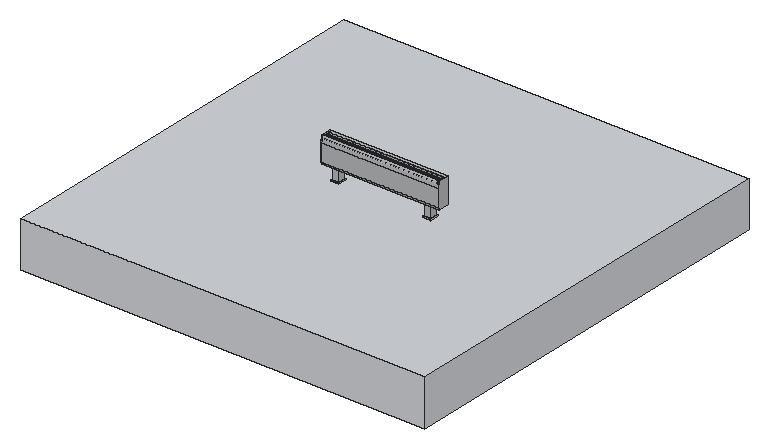
Revit family "Convection_Heater-QMark-ASLC", category Mechanical Equipment, host Face, Revit 2016
Family settings
  Host = Face
  Part Type = Normal
  Round Connector Dimension = Use Diameter
  OmniClass Number = 23.75.70.17.14
  OmniClass Title = Convectors
  Cut with Voids When Loaded = No
  Shared = No
  Room Calculation Point = No
Parameters (values of type "ASLC01")
  Width = 0' - 3 5/8"  # constant formula
  Watts = 250 W
  WMF [instance] = if(and(WM, Front Inlet), 1 = 1, 1 = 0)  # no
  WMB [instance] = if(and(WM, Bottom Inlet), 1 = 1, 1 = 0)  # no
  WM [instance] = not(Pedestal Mount)  # no
  Voltage = 240 V
  URL = "http://www.marleymep.com/en/berko/"
  Product Page URL = "https://www.marleymep.com/products/berko/aslc-series-slimline-aluminum-convector"
  Product Name = "Slimline Aluminum Convector - ASLC Series"  # constant formula
  Product Documentation Link = "https://www.marleymep.com/system/files/node/file/field-file//zss-bslc.pdf"
  Power Factor = 1
  Phase = 2
  Pedestal Mount [instance] = yes
  PF [instance] = if(and(Pedestal Mount, Front Inlet), 1 = 1, 1 = 0)  # no
  PB [instance] = if(and(Pedestal Mount, Bottom Inlet), 1 = 1, 1 = 0)  # yes
  Number of Poles = 1
  Model = "ASLC"  # constant formula
  Minimum Distance From Window Sill = 1' - 0"
  Minimum Distance From Drapes = 0' - 2"
  Material = ""
  Manufacturer = "Marley Engineered Products"  # constant formula
  Length Constraint = if(Length < 2' 4", 2' 4", if(Length > 15' 0", 15' 0", Length))  # 2' - 4"
  Length = 2' - 0"
  Height = 0' - 6"  # constant formula
  Front Inlet [instance] = not(Bottom Inlet)  # no
  Frequency = 60 Hz
  Description = "Architectural Electric Convectors"  # constant formula
  Default Elevation = 0' - 3"
  Clearance On [instance] = yes
  Casing = Metal - Berko - Paint - Aluminum
  Bottom Inlet [instance] = yes
  Apparent Load = 0 VA
  Amps = 0.8 A
Types (10): name | Watts | WMF | WM | Product Page URL | Product Documentation Link | Pedestal Mount | PB | Length Constraint | Length | Front Inlet | Bottom Inlet
  ASLC01 | 250 W | no | no | "https://www.marleymep.com/products/berko/aslc-series-slimline-aluminum-convector" | "https://www.marleymep.com/system/files/node/file/field-file//zss-bslc.pdf" | yes | yes | 2' - 4" | 2' - 0" | no | yes
  ASLC02 | 233 W | no | no | "https://www.marleymep.com/products/qmark/slimline-aluminum-convector-dbsl-series" | "https://www.marleymep.com/system/files/node/file/field-file//zss-qslc.pdf" | yes | yes | 2' - 4" | 2' - 4" | no | yes
  ASLC03 | 300 W | yes | yes | "https://www.marleymep.com/products/qmark/slimline-aluminum-convector-dbsl-series" | "https://www.marleymep.com/system/files/node/file/field-file//zss-qslc.pdf" | no | no | 3' - 0" | 3' - 0" | yes | no
  ASLC04 | 400 W | no | no | "https://www.marleymep.com/products/qmark/slimline-aluminum-convector-dbsl-series" | "https://www.marleymep.com/system/files/node/file/field-file//zss-qslc.pdf" | yes | yes | 4' - 0" | 4' - 0" | no | yes
  ASLC05 | 500 W | no | no | "https://www.marleymep.com/products/qmark/slimline-aluminum-convector-dbsl-series" | "https://www.marleymep.com/system/files/node/file/field-file//zss-qslc.pdf" | yes | yes | 5' - 0" | 5' - 0" | no | yes
  ASLC06 | 600 W | no | no | "https://www.marleymep.com/products/qmark/slimline-aluminum-convector-dbsl-series" | "https://www.marleymep.com/system/files/node/file/field-file//zss-qslc.pdf" | yes | yes | 6' - 0" | 6' - 0" | no | yes
  ASLC07 | 700 W | no | no | "https://www.marleymep.com/products/qmark/slimline-aluminum-convector-dbsl-series" | "https://www.marleymep.com/system/files/node/file/field-file//zss-qslc.pdf" | yes | yes | 7' - 0" | 7' - 0" | no | yes
  ASLC08 | 800 W | no | no | "https://www.marleymep.com/products/qmark/slimline-aluminum-convector-dbsl-series" | "https://www.marleymep.com/system/files/node/file/field-file//zss-qslc.pdf" | yes | yes | 8' - 0" | 8' - 0" | no | yes
  ASLC09 | 900 W | no | no | "https://www.marleymep.com/products/qmark/slimline-aluminum-convector-dbsl-series" | "https://www.marleymep.com/system/files/node/file/field-file//zss-qslc.pdf" | yes | yes | 9' - 0" | 9' - 0" | no | yes
  ASLC10 | 1000 W | no | no | "https://www.marleymep.com/products/qmark/slimline-aluminum-convector-dbsl-series" | "https://www.marleymep.com/system/files/node/file/field-file//zss-qslc.pdf" | yes | yes | 10' - 0" | 10' - 0" | no | yes
Reference planes (in)
  plane 1 "Center (Front/Back)": y = 0
  plane 2: z = -1.04
  plane 3 "Center (Left/Right)": x = 0
  plane 4 "Top": y = 3
  plane 5 "Bottom": y = -3
  plane 6 "Left": x = 14
  plane 7 "Right": x = -14
  plane 8 "Front": z = 2.585
  plane 9: z = 0.7725
  plane 10 "Back": z = -1.04
  plane 11: y = 2.93153
  plane 12: y = 2.73607
  plane 13: x = -13.9375
  plane 14: x = 13.9375
  plane 15: z = 16.14329
  plane 16: z = 15.94783
  plane 17: y = 1.2925
  plane 18: y = -1.2925
  plane 19: z = 1.96
  plane 20: z = 8.01915
  plane 21: z = -0.79
  plane 22: z = 16.14329
  plane 23: z = 15.94783
  plane 24: y = 2.93153
  plane 25: y = 2.73607
Forms (in)
  Extrusion 1, solid
    sketch origin (0, 0, 0) x (1, 0, 0) y (0, 1, 0)
      loop
        line (-48, 48) -> (-48, -48) -> (48, -48) -> (48, 48) -> (-48, 48)
    from -1.04 to -12
  Extrusion 2, solid, material "Metal - Berko - Paint - Aluminum" <- "Casing", visible <- "WMF"
    sketch origin (0, 0, -1.04) x (0, 1, 0) y (0, 0, 1)
      loop
        line (-2.47742, 2.585) -> (-3.00742, 2.44299) -> (-3.00742, 2.36299) -> (-2.77958, 2.28006) -> (-2.77958, 2.13401) -> (-3.02958, 2.225) -> (-3.02958, 2.13987) -> (-2.77958, 2.04887) -> (-2.77958, 0.5) -> (-3.02958, 0.5) -> (-3.02958, 0) -> (3.02958, 0) -> (3.02958, 0.585)
        arc (3.02958, 0.585) -> (3.01786, 0.61328) -> (2.98958, 0.625) r 0.04
        line (2.98958, 0.625) -> (2.56958, 0.625)
        arc (2.56958, 0.625) -> (2.54129, 0.63672) -> (2.52958, 0.665) r 0.04
        line (2.52958, 0.665) -> (2.52958, 0.905)
        arc (2.52958, 0.905) -> (2.54129, 0.93328) -> (2.56958, 0.945) r 0.04
        line (2.56958, 0.945) -> (2.73958, 0.945)
        arc (2.73958, 0.945) -> (2.76786, 0.95672) -> (2.77958, 0.985) r 0.04
        arc (2.77958, 0.985) -> (2.76786, 1.01328) -> (2.73958, 1.025) r 0.04
        line (2.73958, 1.025) -> (2.56958, 1.025)
        arc (2.56958, 1.025) -> (2.54129, 1.03672) -> (2.52958, 1.065) r 0.04
        line (2.52958, 1.065) -> (2.52958, 1.305)
        arc (2.52958, 1.305) -> (2.54129, 1.33328) -> (2.56958, 1.345) r 0.04
        line (2.56958, 1.345) -> (2.73958, 1.345)
        arc (2.73958, 1.345) -> (2.76786, 1.35672) -> (2.77958, 1.385) r 0.04
        arc (2.77958, 1.385) -> (2.76786, 1.41328) -> (2.73958, 1.425) r 0.04
        line (2.73958, 1.425) -> (2.56958, 1.425)
        arc (2.56958, 1.425) -> (2.54129, 1.43672) -> (2.52958, 1.465) r 0.04
        line (2.52958, 1.465) -> (2.52958, 1.705)
        arc (2.52958, 1.705) -> (2.54129, 1.73328) -> (2.56958, 1.745) r 0.04
        line (2.56958, 1.745) -> (2.73958, 1.745)
        arc (2.73958, 1.745) -> (2.76786, 1.75672) -> (2.77958, 1.785) r 0.04
        arc (2.77958, 1.785) -> (2.76786, 1.81328) -> (2.73958, 1.825) r 0.04
        line (2.73958, 1.825) -> (2.56958, 1.825)
        arc (2.56958, 1.825) -> (2.54129, 1.83672) -> (2.52958, 1.865) r 0.04
        line (2.52958, 1.865) -> (2.52958, 2.27722)
        arc (2.52958, 2.27722) -> (2.54663, 2.30999) -> (2.58326, 2.31481) r 0.04
        arc (2.58326, 2.31481) -> (2.78, 2.23562) -> (2.97098, 2.14338) r 3.154
        arc (2.97098, 2.14338) -> (3.01027, 2.14456) -> (3.02958, 2.17879) r 0.04
        arc (3.02958, 2.17879) -> (3.02381, 2.19948) -> (3.00817, 2.21421) r 0.04
        arc (3.00817, 2.21421) -> (2.2789, 2.49093) -> (1.50458, 2.585) r 3.234
        line (1.50458, 2.585) -> (-0.49242, 2.585)
        arc (-0.49242, 2.585) -> (-0.52071, 2.57328) -> (-0.53242, 2.545) r 0.04
        line (-0.53242, 2.545) -> (-0.53242, 2.375)
        arc (-0.53242, 2.375) -> (-0.54414, 2.34672) -> (-0.57242, 2.335) r 0.04
        line (-0.57242, 2.335) -> (-0.81242, 2.335)
        arc (-0.81242, 2.335) -> (-0.84071, 2.34672) -> (-0.85242, 2.375) r 0.04
        line (-0.85242, 2.375) -> (-0.85242, 2.545)
        arc (-0.85242, 2.545) -> (-0.86414, 2.57328) -> (-0.89242, 2.585) r 0.04
        arc (-0.89242, 2.585) -> (-0.92071, 2.57328) -> (-0.93242, 2.545) r 0.04
        line (-0.93242, 2.545) -> (-0.93242, 2.375)
        arc (-0.93242, 2.375) -> (-0.94414, 2.34672) -> (-0.97242, 2.335) r 0.04
        line (-0.97242, 2.335) -> (-1.21242, 2.335)
        arc (-1.21242, 2.335) -> (-1.24071, 2.34672) -> (-1.25242, 2.375) r 0.04
        line (-1.25242, 2.375) -> (-1.25242, 2.545)
        arc (-1.25242, 2.545) -> (-1.26414, 2.57328) -> (-1.29242, 2.585) r 0.04
        arc (-1.29242, 2.585) -> (-1.32071, 2.57328) -> (-1.33242, 2.545) r 0.04
        line (-1.33242, 2.545) -> (-1.33242, 2.375)
        arc (-1.33242, 2.375) -> (-1.34414, 2.34672) -> (-1.37242, 2.335) r 0.04
        line (-1.37242, 2.335) -> (-1.61242, 2.335)
        arc (-1.61242, 2.335) -> (-1.64071, 2.34672) -> (-1.65242, 2.375) r 0.04
        line (-1.65242, 2.375) -> (-1.65242, 2.545)
        arc (-1.65242, 2.545) -> (-1.66414, 2.57328) -> (-1.69242, 2.585) r 0.04
        arc (-1.69242, 2.585) -> (-1.72071, 2.57328) -> (-1.73242, 2.545) r 0.04
        line (-1.73242, 2.545) -> (-1.73242, 2.375)
        arc (-1.73242, 2.375) -> (-1.74414, 2.34672) -> (-1.77242, 2.335) r 0.04
        line (-1.77242, 2.335) -> (-2.01242, 2.335)
        arc (-2.01242, 2.335) -> (-2.04071, 2.34672) -> (-2.05242, 2.375) r 0.04
        line (-2.05242, 2.375) -> (-2.05242, 2.545)
        arc (-2.05242, 2.545) -> (-2.06414, 2.57328) -> (-2.09242, 2.585) r 0.04
        line (-2.09242, 2.585) -> (-2.47742, 2.585)
    from -13.9375 to 13.9375
  Extrusion 3, solid, material "Metal - Berko - Paint - Aluminum" <- "Casing", visible <- "WM"
    sketch origin (0, 0, 0) x (0, 1, 0) y (0, 0, 1)
      loop
        line (-3.02958, -1.04) -> (3.02958, -1.04) -> (3.02958, -0.41573) -> (3.02958, 1.16286)
        arc (3.02958, 1.16286) -> (2.29065, 1.44801) -> (1.50458, 1.545) r 3.234
        line (1.50458, 1.545) -> (-0.53242, 1.545) -> (-2.05242, 1.545) -> (-2.47742, 1.545) -> (-3.02958, 1.39705) -> (-3.02958, 1.32299) -> (-3.02958, -0.54) -> (-3.02958, -1.04)
    from 13.9375 to 14
  Extrusion 4, solid, material "Metal - Berko - Paint - Aluminum" <- "Casing", visible <- "WM"
    sketch origin (-27.9375, 0, 0) x (0, 1, 0) y (0, 0, 1)
      loop
        line (-3.02958, -1.04) -> (3.02958, -1.04) -> (3.02958, -0.41573) -> (3.02958, 1.16286)
        arc (3.02958, 1.16286) -> (2.29065, 1.44801) -> (1.50458, 1.545) r 3.234
        line (1.50458, 1.545) -> (-0.53242, 1.545) -> (-2.05242, 1.545) -> (-2.47742, 1.545) -> (-3.02958, 1.39705) -> (-3.02958, 1.32299) -> (-3.02958, -0.54) -> (-3.02958, -1.04)
    from 13.9375 to 14
  Extrusion 5, solid, material "Metal - Berko - Paint - Aluminum" <- "Casing", visible <- "WMF"
    sketch origin (0, 1.2925, 13.21176) x (0, 0, 1) y (0, -1, 0)
      loop
        line (-10.6996, 2.585) -> (-11.2296, 2.44299) -> (-11.2296, 2.36299) -> (-11.00176, 2.28006) -> (-11.00176, 2.13401) -> (-11.25176, 2.225) -> (-11.25176, 2.13987) -> (-11.00176, 2.04887) -> (-11.00176, 0.5) -> (-11.25176, 0.5) -> (-11.25176, 0) -> (-5.1926, 0) -> (-5.1926, 0.585)
        arc (-5.1926, 0.585) -> (-5.20432, 0.61328) -> (-5.2326, 0.625) r 0.04
        line (-5.2326, 0.625) -> (-5.6526, 0.625)
        arc (-5.6526, 0.625) -> (-5.68089, 0.63672) -> (-5.6926, 0.665) r 0.04
        line (-5.6926, 0.665) -> (-5.6926, 0.905)
        arc (-5.6926, 0.905) -> (-5.68089, 0.93328) -> (-5.6526, 0.945) r 0.04
        line (-5.6526, 0.945) -> (-5.4826, 0.945)
        arc (-5.4826, 0.945) -> (-5.45432, 0.95672) -> (-5.4426, 0.985) r 0.04
        arc (-5.4426, 0.985) -> (-5.45432, 1.01328) -> (-5.4826, 1.025) r 0.04
        line (-5.4826, 1.025) -> (-5.6526, 1.025)
        arc (-5.6526, 1.025) -> (-5.68089, 1.03672) -> (-5.6926, 1.065) r 0.04
        line (-5.6926, 1.065) -> (-5.6926, 1.305)
        arc (-5.6926, 1.305) -> (-5.68089, 1.33328) -> (-5.6526, 1.345) r 0.04
        line (-5.6526, 1.345) -> (-5.4826, 1.345)
        arc (-5.4826, 1.345) -> (-5.45432, 1.35672) -> (-5.4426, 1.385) r 0.04
        arc (-5.4426, 1.385) -> (-5.45432, 1.41328) -> (-5.4826, 1.425) r 0.04
        line (-5.4826, 1.425) -> (-5.6526, 1.425)
        arc (-5.6526, 1.425) -> (-5.68089, 1.43672) -> (-5.6926, 1.465) r 0.04
        line (-5.6926, 1.465) -> (-5.6926, 1.705)
        arc (-5.6926, 1.705) -> (-5.68089, 1.73328) -> (-5.6526, 1.745) r 0.04
        line (-5.6526, 1.745) -> (-5.4826, 1.745)
        arc (-5.4826, 1.745) -> (-5.45432, 1.75672) -> (-5.4426, 1.785) r 0.04
        arc (-5.4426, 1.785) -> (-5.45432, 1.81328) -> (-5.4826, 1.825) r 0.04
        line (-5.4826, 1.825) -> (-5.6526, 1.825)
        arc (-5.6526, 1.825) -> (-5.68089, 1.83672) -> (-5.6926, 1.865) r 0.04
        line (-5.6926, 1.865) -> (-5.6926, 2.27722)
        arc (-5.6926, 2.27722) -> (-5.67555, 2.30999) -> (-5.63892, 2.31481) r 0.04
        arc (-5.63892, 2.31481) -> (-5.44218, 2.23562) -> (-5.2512, 2.14338) r 3.154
        arc (-5.2512, 2.14338) -> (-5.21191, 2.14456) -> (-5.1926, 2.17879) r 0.04
        arc (-5.1926, 2.17879) -> (-5.19837, 2.19948) -> (-5.21401, 2.21421) r 0.04
        arc (-5.21401, 2.21421) -> (-5.94328, 2.49093) -> (-6.7176, 2.585) r 3.234
        line (-6.7176, 2.585) -> (-8.7146, 2.585)
        arc (-8.7146, 2.585) -> (-8.74289, 2.57328) -> (-8.7546, 2.545) r 0.04
        line (-8.7546, 2.545) -> (-8.7546, 2.375)
        arc (-8.7546, 2.375) -> (-8.76632, 2.34672) -> (-8.7946, 2.335) r 0.04
        line (-8.7946, 2.335) -> (-9.0346, 2.335)
        arc (-9.0346, 2.335) -> (-9.06289, 2.34672) -> (-9.0746, 2.375) r 0.04
        line (-9.0746, 2.375) -> (-9.0746, 2.545)
        arc (-9.0746, 2.545) -> (-9.08632, 2.57328) -> (-9.1146, 2.585) r 0.04
        arc (-9.1146, 2.585) -> (-9.14289, 2.57328) -> (-9.1546, 2.545) r 0.04
        line (-9.1546, 2.545) -> (-9.1546, 2.375)
        arc (-9.1546, 2.375) -> (-9.16632, 2.34672) -> (-9.1946, 2.335) r 0.04
        line (-9.1946, 2.335) -> (-9.4346, 2.335)
        arc (-9.4346, 2.335) -> (-9.46289, 2.34672) -> (-9.4746, 2.375) r 0.04
        line (-9.4746, 2.375) -> (-9.4746, 2.545)
        arc (-9.4746, 2.545) -> (-9.48632, 2.57328) -> (-9.5146, 2.585) r 0.04
        arc (-9.5146, 2.585) -> (-9.54289, 2.57328) -> (-9.5546, 2.545) r 0.04
        line (-9.5546, 2.545) -> (-9.5546, 2.375)
        arc (-9.5546, 2.375) -> (-9.56632, 2.34672) -> (-9.5946, 2.335) r 0.04
        line (-9.5946, 2.335) -> (-9.8346, 2.335)
        arc (-9.8346, 2.335) -> (-9.86289, 2.34672) -> (-9.8746, 2.375) r 0.04
        line (-9.8746, 2.375) -> (-9.8746, 2.545)
        arc (-9.8746, 2.545) -> (-9.88632, 2.57328) -> (-9.9146, 2.585) r 0.04
        arc (-9.9146, 2.585) -> (-9.94289, 2.57328) -> (-9.9546, 2.545) r 0.04
        line (-9.9546, 2.545) -> (-9.9546, 2.375)
        arc (-9.9546, 2.375) -> (-9.96632, 2.34672) -> (-9.9946, 2.335) r 0.04
        line (-9.9946, 2.335) -> (-10.2346, 2.335)
        arc (-10.2346, 2.335) -> (-10.26289, 2.34672) -> (-10.2746, 2.375) r 0.04
        line (-10.2746, 2.375) -> (-10.2746, 2.545)
        arc (-10.2746, 2.545) -> (-10.28632, 2.57328) -> (-10.3146, 2.585) r 0.04
        line (-10.3146, 2.585) -> (-10.6996, 2.585)
    from -13.9375 to 13.9375
  Extrusion 6, solid, material "Metal - Berko - Paint - Aluminum" <- "Casing", visible <- "Pedestal Mount"
    sketch origin (0, 0.2525, 13.21176) x (0, 0, 1) y (0, -1, 0)
      loop
        line (-11.25176, -1.04) -> (-5.1926, -1.04) -> (-5.1926, -0.41573) -> (-5.1926, 1.16286)
        arc (-5.1926, 1.16286) -> (-5.93153, 1.44801) -> (-6.7176, 1.545) r 3.234
        line (-6.7176, 1.545) -> (-8.7546, 1.545) -> (-10.2746, 1.545) -> (-10.6996, 1.545) -> (-11.25176, 1.39705) -> (-11.25176, 1.32299) -> (-11.25176, -0.54) -> (-11.25176, -1.04)
    from 13.9375 to 14
  Extrusion 7, solid, material "Metal - Berko - Paint - Aluminum" <- "Casing", visible <- "Pedestal Mount"
    sketch origin (-27.9375, 0.2525, 13.21176) x (0, 0, 1) y (0, -1, 0)
      loop
        line (-11.25176, -1.04) -> (-5.1926, -1.04) -> (-5.1926, -0.41573) -> (-5.1926, 1.16286)
        arc (-5.1926, 1.16286) -> (-5.93153, 1.44801) -> (-6.7176, 1.545) r 3.234
        line (-6.7176, 1.545) -> (-8.7546, 1.545) -> (-10.2746, 1.545) -> (-10.6996, 1.545) -> (-11.25176, 1.39705) -> (-11.25176, 1.32299) -> (-11.25176, -0.54) -> (-11.25176, -1.04)
    from 13.9375 to 14
  Extrusion 8, solid, material "Metal - Berko - Paint - Aluminum" <- "Casing", visible <- "Pedestal Mount"
    sketch origin (0, 0, 0) x (1, 0, 0) y (0, 1, 0)
      loop
        line (-11.9375, 1) -> (-11.9375, -1) -> (-9.9375, -1) -> (-9.9375, 1) -> (-11.9375, 1)
      loop
        line (11.9375, 1) -> (9.9375, 1) -> (9.9375, -1) -> (11.9375, -1) -> (11.9375, 1)
    from -1.04 to -0.79
  Extrusion 9, solid, material "Metal - Berko - Paint - Aluminum" <- "Casing", visible <- "Pedestal Mount"
    sketch origin (0, 0, 0) x (1, 0, 0) y (0, 1, 0)
      loop
        line (-10.1875, 0.75) -> (-11.6875, 0.75) -> (-11.6875, -0.75) -> (-10.1875, -0.75) -> (-10.1875, 0.75)
      loop
        line (11.6875, 0.75) -> (10.1875, 0.75) -> (10.1875, -0.75) -> (11.6875, -0.75) -> (11.6875, 0.75)
    from -0.79 to 1.96
  Extrusion 10, solid, material "Metal - Berko - Paint - Aluminum" <- "Casing", visible <- "PB"
    sketch origin (0, 1.2925, 13.21176) x (0, 0, 1) y (0, -1, 0)
      loop
        line (-10.6996, 2.585) -> (-11.2296, 2.44299) -> (-11.2296, 2.36299) -> (-11.00176, 2.28006) -> (-11.00176, 2.13401) -> (-11.25176, 2.225) -> (-11.25176, 2.13987) -> (-11.00176, 2.04887) -> (-11.00176, 0.5) -> (-11.25176, 0.5) -> (-11.25176, 0) -> (-5.1926, 0) -> (-5.1926, 0.585)
        arc (-5.1926, 0.585) -> (-5.20432, 0.61328) -> (-5.2326, 0.625) r 0.04
        line (-5.2326, 0.625) -> (-5.6526, 0.625)
        arc (-5.6526, 0.625) -> (-5.68089, 0.63672) -> (-5.6926, 0.665) r 0.04
        line (-5.6926, 0.665) -> (-5.6926, 0.905)
        arc (-5.6926, 0.905) -> (-5.68089, 0.93328) -> (-5.6526, 0.945) r 0.04
        line (-5.6526, 0.945) -> (-5.4826, 0.945)
        arc (-5.4826, 0.945) -> (-5.45432, 0.95672) -> (-5.4426, 0.985) r 0.04
        arc (-5.4426, 0.985) -> (-5.45432, 1.01328) -> (-5.4826, 1.025) r 0.04
        line (-5.4826, 1.025) -> (-5.6526, 1.025)
        arc (-5.6526, 1.025) -> (-5.68089, 1.03672) -> (-5.6926, 1.065) r 0.04
        line (-5.6926, 1.065) -> (-5.6926, 1.305)
        arc (-5.6926, 1.305) -> (-5.68089, 1.33328) -> (-5.6526, 1.345) r 0.04
        line (-5.6526, 1.345) -> (-5.4826, 1.345)
        arc (-5.4826, 1.345) -> (-5.45432, 1.35672) -> (-5.4426, 1.385) r 0.04
        arc (-5.4426, 1.385) -> (-5.45432, 1.41328) -> (-5.4826, 1.425) r 0.04
        line (-5.4826, 1.425) -> (-5.6526, 1.425)
        arc (-5.6526, 1.425) -> (-5.68089, 1.43672) -> (-5.6926, 1.465) r 0.04
        line (-5.6926, 1.465) -> (-5.6926, 1.705)
        arc (-5.6926, 1.705) -> (-5.68089, 1.73328) -> (-5.6526, 1.745) r 0.04
        line (-5.6526, 1.745) -> (-5.4826, 1.745)
        arc (-5.4826, 1.745) -> (-5.45432, 1.75672) -> (-5.4426, 1.785) r 0.04
        arc (-5.4426, 1.785) -> (-5.45432, 1.81328) -> (-5.4826, 1.825) r 0.04
        line (-5.4826, 1.825) -> (-5.6526, 1.825)
        arc (-5.6526, 1.825) -> (-5.68089, 1.83672) -> (-5.6926, 1.865) r 0.04
        line (-5.6926, 1.865) -> (-5.6926, 2.27722)
        arc (-5.6926, 2.27722) -> (-5.67555, 2.30999) -> (-5.63892, 2.31481) r 0.04
        arc (-5.63892, 2.31481) -> (-5.44218, 2.23562) -> (-5.2512, 2.14338) r 3.154
        arc (-5.2512, 2.14338) -> (-5.21191, 2.14456) -> (-5.1926, 2.17879) r 0.04
        arc (-5.1926, 2.17879) -> (-5.19837, 2.19948) -> (-5.21401, 2.21421) r 0.04
        arc (-5.21401, 2.21421) -> (-5.94328, 2.49093) -> (-6.7176, 2.585) r 3.234
        line (-6.7176, 2.585) -> (-10.6996, 2.585)
    from -13.9375 to 13.9375
  Extrusion 11, solid, material "Metal - Berko - Paint - Aluminum" <- "Casing", visible <- "WMB"
    sketch origin (0, 0, -1.04) x (0, 1, 0) y (0, 0, 1)
      loop
        line (-2.47742, 2.585) -> (-3.00742, 2.44299) -> (-3.00742, 2.36299) -> (-2.77958, 2.28006) -> (-2.77958, 2.13401) -> (-3.02958, 2.225) -> (-3.02958, 2.13987) -> (-2.77958, 2.04887) -> (-2.77958, 0.5) -> (-3.02958, 0.5) -> (-3.02958, 0) -> (3.02958, 0) -> (3.02958, 0.585)
        arc (3.02958, 0.585) -> (3.01786, 0.61328) -> (2.98958, 0.625) r 0.04
        line (2.98958, 0.625) -> (2.56958, 0.625)
        arc (2.56958, 0.625) -> (2.54129, 0.63672) -> (2.52958, 0.665) r 0.04
        line (2.52958, 0.665) -> (2.52958, 0.905)
        arc (2.52958, 0.905) -> (2.54129, 0.93328) -> (2.56958, 0.945) r 0.04
        line (2.56958, 0.945) -> (2.73958, 0.945)
        arc (2.73958, 0.945) -> (2.76786, 0.95672) -> (2.77958, 0.985) r 0.04
        arc (2.77958, 0.985) -> (2.76786, 1.01328) -> (2.73958, 1.025) r 0.04
        line (2.73958, 1.025) -> (2.56958, 1.025)
        arc (2.56958, 1.025) -> (2.54129, 1.03672) -> (2.52958, 1.065) r 0.04
        line (2.52958, 1.065) -> (2.52958, 1.305)
        arc (2.52958, 1.305) -> (2.54129, 1.33328) -> (2.56958, 1.345) r 0.04
        line (2.56958, 1.345) -> (2.73958, 1.345)
        arc (2.73958, 1.345) -> (2.76786, 1.35672) -> (2.77958, 1.385) r 0.04
        arc (2.77958, 1.385) -> (2.76786, 1.41328) -> (2.73958, 1.425) r 0.04
        line (2.73958, 1.425) -> (2.56958, 1.425)
        arc (2.56958, 1.425) -> (2.54129, 1.43672) -> (2.52958, 1.465) r 0.04
        line (2.52958, 1.465) -> (2.52958, 1.705)
        arc (2.52958, 1.705) -> (2.54129, 1.73328) -> (2.56958, 1.745) r 0.04
        line (2.56958, 1.745) -> (2.73958, 1.745)
        arc (2.73958, 1.745) -> (2.76786, 1.75672) -> (2.77958, 1.785) r 0.04
        arc (2.77958, 1.785) -> (2.76786, 1.81328) -> (2.73958, 1.825) r 0.04
        line (2.73958, 1.825) -> (2.56958, 1.825)
        arc (2.56958, 1.825) -> (2.54129, 1.83672) -> (2.52958, 1.865) r 0.04
        line (2.52958, 1.865) -> (2.52958, 2.27722)
        arc (2.52958, 2.27722) -> (2.54663, 2.30999) -> (2.58326, 2.31481) r 0.04
        arc (2.58326, 2.31481) -> (2.78, 2.23562) -> (2.97098, 2.14338) r 3.154
        arc (2.97098, 2.14338) -> (3.01027, 2.14456) -> (3.02958, 2.17879) r 0.04
        arc (3.02958, 2.17879) -> (3.02381, 2.19948) -> (3.00817, 2.21421) r 0.04
        arc (3.00817, 2.21421) -> (2.2789, 2.49093) -> (1.50458, 2.585) r 3.234
        line (1.50458, 2.585) -> (-2.47742, 2.585)
    from -13.9375 to 13.9375
Lines and regions (in)
  Masking region 1
    outline origin (0, 0, 0) x (1, 0, 0) y (0, 0, 1)
      loop
        line (14, 2.585) -> (-14, 2.585) -> (-14, -1.04) -> (14, -1.04) -> (14, 2.585)
  symbolic lines, detail levels medium+fine
    curve 1: line (14, 0, 2.35351) -> (-14, 0, 2.35351)
  symbolic lines, style "MechanicalEquipmentHiddenLines", visible <- "Clearance On"
    curve 2: line (-14, 15, 0) -> (14, 15, 0)
    curve 3: line (-14, 3, 0) -> (-14, 15, 0)
    curve 4: line (14, 15, 0) -> (14, 3, 0)
    curve 5: line (14, 0, 4.585) -> (14, 0, 2.585)
    curve 6: line (-14, 0, 4.585) -> (14, 0, 4.585)
    curve 7: line (-14, 0, 2.585) -> (-14, 0, 4.585)
Dimensions and locks (in)
  equal spacing: plane 6 "Left", plane 3 "Center (Left/Right)", plane 7 "Right"
  equal spacing: plane 10 "Back", plane 9, plane 8 "Front"
  equal spacing: plane 4 "Top", plane 1 "Center (Front/Back)", plane 5 "Bottom"
  "Height": plane 4 "Top" to plane 5 "Bottom"
  "Length Constraint": plane 6 "Left" to plane 7 "Right"
  "Width": plane 10 "Back" to plane 8 "Front"
  plane 4 "Top" to plane 11 to plane 12 = 0' - 0.06847" locked, 0' - 0.19546" locked
  locked: plane 7 "Right" to plane 13 at 0.0625
  locked: plane 14 to plane 6 "Left" at 0.0625
  locked: curve 1 to plane 8 "Front" at 0.23149
  "Minimum Distance From Window Sill": curve 2 to plane 4 "Top"
  "Minimum Distance From Drapes": plane 8 "Front" to curve 6
  locked: plane 15 to plane 16 at 0.19546
  equal spacing: plane 17, plane 1 "Center (Front/Back)", plane 18
  locked: plane 19 to plane 20 at 6.05915
  locked: Extrusion 1 to plane 19 at 3
  locked: Extrusion 7 sketch curve to plane 18 at 0.14795
  locked: plane 19 to Extrusion 7 sketch curve at 0.55215
  locked: Extrusion 7 sketch curve to plane 20 at 1.525
  locked: Extrusion 7 sketch curve to plane 18 at 0.38214
  locked: Extrusion 7 sketch curve to plane 18 at 3.234
  plane 17 to Extrusion 7 to Extrusion 5 sketch curve to Extrusion 5 sketch curve to Extrusion 5 sketch curve to Extrusion 5 sketch curve to Extrusion 5 sketch curve to Extrusion 5 sketch curve to Extrusion 5 sketch curve to Extrusion 5 sketch curve to Extrusion 5 sketch curve to Extrusion 5 sketch curve to Extrusion 5 sketch curve to Extrusion 5 sketch curve to Extrusion 5 sketch curve to Extrusion 5 sketch curve to Extrusion 5 sketch curve to Extrusion 5 sketch curve to Extrusion 5 sketch curve to Extrusion 5 sketch curve = 0' - 0" locked, 0' - 0.585" locked, 0' - 0.04" locked, 0' - 0.04" locked, 0' - 0.24" locked, 0' - 0.04" locked, 0' - 0.08" locked, 0' - 0.04" locked, 0' - 0.24" locked, 0' - 0.04" locked, 0' - 0.08" locked, 0' - 0.04" locked, 0' - 0.24" locked, 0' - 0.04" locked, 0' - 0.08" locked, 0' - 0.04" locked, 0' - 0.31379" locked, 0' - 0" locked, 0' - 0.09843" locked
  plane 17 to Extrusion 5 sketch curve to Extrusion 5 sketch curve to Extrusion 5 sketch curve to Extrusion 5 sketch curve to Extrusion 5 sketch curve to Extrusion 5 sketch curve to Extrusion 5 sketch curve to Extrusion 5 sketch curve = 0' - 0 1/2", 0' - 1.54887", 0' - 0.08513", 0' - 0.00586", 0' - 0.08513", 0' - 0.05506", 0' - 0.08293", 0' - 0.08"
  plane 19 to Extrusion 5 sketch curve to Extrusion 5 sketch curve to Extrusion 5 sketch curve to Extrusion 5 sketch curve to Extrusion 5 sketch curve to Extrusion 5 sketch curve to Extrusion 5 sketch curve to Extrusion 5 sketch curve to Extrusion 5 sketch curve to Extrusion 5 sketch curve to Extrusion 5 sketch curve to Extrusion 5 sketch curve to Extrusion 5 sketch curve to Extrusion 5 sketch curve to Extrusion 5 sketch curve to Extrusion 5 sketch curve to Extrusion 5 sketch curve to Extrusion 5 sketch curve = 0' - 0.93715", 0' - 0.04" locked, 0' - 0.04" locked, 0' - 0.24" locked, 0' - 0.04" locked, 0' - 0.04" locked, 0' - 0.04" locked, 0' - 0.04" locked, 0' - 0.28" locked, 0' - 0.04" locked, 0' - 0.04" locked, 0' - 0.28" locked, 0' - 0.04" locked, 0' - 0.04" locked, 0' - 0.04" locked, 0' - 0.04" locked, 0' - 0.24" locked, 0' - 0.04" locked
  locked: Extrusion 6 sketch curve to plane 20 at 1.525
  locked: Extrusion 6 sketch curve to plane 18 at 0.38214
  locked: plane 19 to Extrusion 6 sketch curve at 0.55215
  locked: Extrusion 6 sketch curve to plane 18 at 0.14795
  locked: Extrusion 6 sketch curve to plane 18 at 3.234
  plane 19 to Extrusion 5 sketch curve = 0' - 0.02215"
  plane 13 to Extrusion 8 sketch curve to Extrusion 8 sketch curve = 0' - 2" locked, 0' - 2" locked
  Extrusion 8 sketch curve to plane 1 "Center (Front/Back)" to Extrusion 8 sketch curve = 0' - 1" locked, 0' - 1" locked  (x2)
  plane 14 to Extrusion 8 sketch curve to Extrusion 8 sketch curve = 0' - 2" locked, 0' - 2" locked
  locked: plane 21 to plane 10 "Back" at 0.25
  plane 13 to Extrusion 9 sketch curve to Extrusion 9 sketch curve = 0' - 2 1/4" locked, 0' - 1 1/2" locked
  Extrusion 9 sketch curve to plane 1 "Center (Front/Back)" to Extrusion 9 sketch curve = 0' - 0 3/4" locked, 0' - 0 3/4" locked  (x2)
  Extrusion 9 sketch curve to Extrusion 9 sketch curve to plane 6 "Left" = 0' - 1 1/2" locked, 0' - 2 5/16" locked
  locked: plane 22 to plane 23 at 0.19546
  Extrusion 10 sketch curve to Extrusion 10 sketch curve to Extrusion 10 sketch curve to Extrusion 10 sketch curve to Extrusion 10 sketch curve to Extrusion 10 sketch curve to Extrusion 10 sketch curve to Extrusion 10 sketch curve to Extrusion 10 sketch curve to Extrusion 10 sketch curve to Extrusion 10 sketch curve to Extrusion 10 sketch curve to Extrusion 10 sketch curve to Extrusion 10 sketch curve to Extrusion 10 sketch curve to Extrusion 10 sketch curve to Extrusion 10 sketch curve to Extrusion 10 sketch curve = 0' - 0.04" locked, 0' - 0.04" locked, 0' - 0.24" locked, 0' - 0.04" locked, 0' - 0.08" locked, 0' - 0.04" locked, 0' - 0.24" locked, 0' - 0.04" locked, 0' - 0.08" locked, 0' - 0.04" locked, 0' - 0.24" locked, 0' - 0.04" locked, 0' - 0.08" locked, 0' - 0.04" locked, 0' - 0.31379" locked, 0' - 0" locked, 0' - 0.09843" locked
  Extrusion 10 sketch curve to Extrusion 10 sketch curve to Extrusion 10 sketch curve to Extrusion 10 sketch curve to Extrusion 10 sketch curve to Extrusion 10 sketch curve to Extrusion 10 sketch curve to Extrusion 10 sketch curve = 0' - 1.54887", 0' - 0.08513", 0' - 0.00586", 0' - 0.08513", 0' - 0.05506", 0' - 0.08293", 0' - 0.08"
  locked: plane 24 to plane 25 at 0.19546
  aligned and locked: plane 2 to Extrusion 1
  aligned and locked: plane 6 "Left" to Extrusion 3
  aligned and locked: Extrusion 3 to plane 14
  aligned and locked: plane 14 to Extrusion 2
  aligned and locked: Extrusion 2 to plane 13
  aligned and locked: Extrusion 4 to plane 7 "Right"
  aligned and locked: plane 13 to Extrusion 4
  aligned and locked: plane 10 "Back" to Extrusion 4 sketch curve
  aligned and locked: plane 2 to plane 10 "Back"
  aligned and locked: plane 7 "Right" to Masking region 1 sketch curve
  aligned and locked: Masking region 1 sketch curve to plane 8 "Front"
  aligned and locked: plane 10 "Back" to Masking region 1 sketch curve
  aligned and locked: Masking region 1 sketch curve to plane 6 "Left"
  aligned and locked: plane 7 "Right" to curve 3
  aligned and locked: curve 4 to plane 6 "Left"
  aligned and locked: plane 6 "Left" to curve 5
  aligned and locked: curve 7 to plane 7 "Right"
  aligned and locked: plane 20 to Extrusion 7 sketch curve  (x2)
  aligned and locked: Extrusion 7 sketch curve to plane 17
  aligned and locked: plane 18 to Extrusion 7 sketch curve  (x2)
  aligned and locked: plane 19 to Extrusion 7 sketch curve
  aligned and locked: plane 20 to Extrusion 6 sketch curve  (x2)
  aligned and locked: plane 18 to Extrusion 6 sketch curve
  aligned and locked: plane 19 to Extrusion 6 sketch curve
  aligned and locked: Extrusion 6 sketch curve to plane 17
  aligned and locked: plane 14 to Extrusion 5
  aligned and locked: Extrusion 5 to plane 13
  aligned and locked: plane 13 to Extrusion 7
  aligned and locked: Extrusion 7 to plane 7 "Right"
  aligned and locked: Extrusion 6 to plane 14
  aligned and locked: plane 6 "Left" to Extrusion 6
  aligned and locked: Extrusion 8 to plane 10 "Back"
  aligned and locked: plane 21 to Extrusion 8
  aligned and locked: Extrusion 9 to plane 21
  aligned and locked: Extrusion 9 to plane 19
  aligned and locked: plane 14 to Extrusion 10
  aligned and locked: Extrusion 10 to plane 13
  aligned and locked: plane 14 to Extrusion 11
  aligned and locked: Extrusion 11 to plane 13
Automatic sketch dimensions
  Extrusion 1 sketch curve to Extrusion 1 sketch curve = 8' - 0"  (x2)
  Extrusion 2 sketch curve to Extrusion 2 sketch curve = 0' - 0"  (x21)
  Extrusion 2 sketch curve to plane 2 = 0' - 0"
  Extrusion 2 sketch curve to plane 5 "Bottom" = 0' - 0.02958"  (x2)
  Extrusion 2 sketch curve to plane 5 "Bottom" = 0' - 0.00742"
  plane 5 "Bottom" to Extrusion 2 sketch curve = 0' - 0.22042"
  Extrusion 2 sketch curve to Extrusion 2 sketch curve = 0' - 0.30215"
  Extrusion 2 sketch curve to Extrusion 2 sketch curve = 0' - 0.385"
  Extrusion 2 sketch curve to Extrusion 2 sketch curve = 0' - 0.04"  (x23)
  Extrusion 2 sketch curve to Extrusion 2 sketch curve = 0' - 0.24"  (x4)
  Extrusion 2 sketch curve to plane 18 = 0' - 0.07992"
  Extrusion 2 sketch curve to plane 18 = 0' - 0.03992"
  plane 18 to Extrusion 2 sketch curve = 0' - 0.00008"
  plane 17 to Extrusion 2 sketch curve = 0' - 0.21208"
  plane 12 to Extrusion 2 sketch curve = 0' - 0.2065"  (x2)
  Extrusion 2 sketch curve to level = 0' - 0.015"
  Extrusion 2 sketch curve to plane 12 = 0' - 0.0035"  (x3)
  Extrusion 2 sketch curve to plane 4 "Top" = 0' - 0.01042"  (x2)
  plane 4 "Top" to Extrusion 2 sketch curve = 0' - 0.02958"
  Extrusion 2 sketch curve to plane 2 = 0' - 0.649"
  plane 21 to Extrusion 2 sketch curve = 0' - 0 1/4"
  plane 21 to Extrusion 2 sketch curve = 0' - 0.335"
  Extrusion 2 sketch curve to Extrusion 2 sketch curve = 0' - 0.12"
  Extrusion 2 sketch curve to plane 9 = 0' - 0.1075"
  Extrusion 2 sketch curve to plane 9 = 0' - 0.0275"
  plane 9 to Extrusion 2 sketch curve = 0' - 0.23637"
  Extrusion 2 sketch curve to Extrusion 2 sketch curve = 0' - 0.08513"  (x2)
  Extrusion 2 sketch curve to Extrusion 2 sketch curve = 0' - 0.00586"
  plane 9 to Extrusion 2 sketch curve = 0' - 0.36629"
  Extrusion 2 sketch curve to Extrusion 2 sketch curve = 0' - 0.41222"
  Extrusion 2 sketch curve to Extrusion 2 sketch curve = 0' - 0.14605"
  plane 9 to Extrusion 2 sketch curve = 0' - 0.5225"
  Extrusion 2 sketch curve to Extrusion 2 sketch curve = 0' - 0.13799"
  Extrusion 2 sketch curve to Extrusion 2 sketch curve = 0' - 0.08"
  Extrusion 2 sketch curve to Extrusion 2 sketch curve = 0' - 0.17"  (x5)
  Extrusion 3 sketch curve to plane 2 = 0' - 0"
  Extrusion 3 sketch curve to plane 5 "Bottom" = 0' - 0.02958"
  plane 5 "Bottom" to Extrusion 3 sketch curve = 0' - 0.52258"
  Extrusion 3 sketch curve to Extrusion 3 sketch curve = 0' - 0.425"
  plane 1 "Center (Front/Back)" to Extrusion 3 sketch curve = 0' - 0.53242"
  plane 17 to Extrusion 3 sketch curve = 0' - 0.21208"
  plane 4 "Top" to Extrusion 3 sketch curve = 0' - 0.02958"
  Extrusion 3 sketch curve to plane 2 = 0' - 0.649"
  plane 21 to Extrusion 3 sketch curve = 0' - 0 1/4"
  plane 21 to Extrusion 3 sketch curve = 0' - 0.37427"
  plane 9 to Extrusion 3 sketch curve = 0' - 0.39036"
  plane 9 to Extrusion 3 sketch curve = 0' - 0.55049"
  Extrusion 3 sketch curve to Extrusion 3 sketch curve = 0' - 0.07406"
  Extrusion 4 sketch curve to plane 5 "Bottom" = 0' - 0.02958"
  plane 5 "Bottom" to Extrusion 4 sketch curve = 0' - 0.52258"
  Extrusion 4 sketch curve to Extrusion 4 sketch curve = 0' - 0.425"
  plane 1 "Center (Front/Back)" to Extrusion 4 sketch curve = 0' - 0.53242"
  plane 17 to Extrusion 4 sketch curve = 0' - 0.21208"
  plane 4 "Top" to Extrusion 4 sketch curve = 0' - 0.02958"
  Extrusion 4 sketch curve to plane 2 = 0' - 0.649"
  plane 21 to Extrusion 4 sketch curve = 0' - 0 1/4"
  plane 21 to Extrusion 4 sketch curve = 0' - 0.37427"
  plane 9 to Extrusion 4 sketch curve = 0' - 0.39036"
  plane 9 to Extrusion 4 sketch curve = 0' - 0.55049"
  Extrusion 4 sketch curve to Extrusion 4 sketch curve = 0' - 0.07406"
  Extrusion 5 sketch curve to Extrusion 5 sketch curve = 0' - 0"  (x11)
  plane 19 to Extrusion 5 sketch curve = 0' - 0"  (x2)
  Extrusion 5 sketch curve to plane 17 = 0' - 0"
  Extrusion 5 sketch curve to plane 18 = 0' - 0"  (x5)
  plane 20 to Extrusion 5 sketch curve = 0' - 0"  (x2)
  Extrusion 5 sketch curve to Extrusion 5 sketch curve = 0' - 0.22785"
  Extrusion 5 sketch curve to plane 8 "Front" = 0' - 0.07285"
  Extrusion 5 sketch curve to Extrusion 5 sketch curve = 0' - 0.04"  (x10)
  plane 20 to Extrusion 5 sketch curve = 0' - 1.525"
  plane 20 to Extrusion 5 sketch curve = 0' - 0 1/2"
  Extrusion 5 sketch curve to Extrusion 5 sketch curve = 0' - 0.17"  (x3)
  plane 20 to Extrusion 5 sketch curve = 0' - 0.04"
  plane 17 to Extrusion 5 sketch curve = 0' - 0.649"
  Extrusion 5 sketch curve to Extrusion 5 sketch curve = 0' - 0.21"
  plane 8 "Front" to Extrusion 6 sketch curve = 0' - 0.35215"
  Extrusion 6 sketch curve to Extrusion 6 sketch curve = 0' - 1.52"
  Extrusion 6 sketch curve to plane 17 = 0' - 0 1/2"
  Extrusion 6 sketch curve to plane 17 = 0' - 0.62427"
  Extrusion 6 sketch curve to Extrusion 6 sketch curve = 0' - 0.07406"
  plane 8 "Front" to Extrusion 7 sketch curve = 0' - 0.35215"
  Extrusion 7 sketch curve to Extrusion 7 sketch curve = 0' - 1.52"
  Extrusion 7 sketch curve to plane 17 = 0' - 0 1/2"
  Extrusion 7 sketch curve to plane 17 = 0' - 0.62427"
  Extrusion 7 sketch curve to Extrusion 7 sketch curve = 0' - 0.07406"
  Extrusion 10 sketch curve to Extrusion 10 sketch curve = 0' - 0"  (x12)
  plane 19 to Extrusion 10 sketch curve = 0' - 0"  (x2)
  Extrusion 10 sketch curve to plane 17 = 0' - 0"
  Extrusion 10 sketch curve to plane 18 = 0' - 0"
  plane 20 to Extrusion 10 sketch curve = 0' - 0"  (x2)
  Extrusion 10 sketch curve to plane 19 = 0' - 0.02215"
  Extrusion 10 sketch curve to Extrusion 10 sketch curve = 0' - 0.22785"
  Extrusion 10 sketch curve to plane 8 "Front" = 0' - 0.07285"
  plane 20 to Extrusion 10 sketch curve = 0' - 1.525"
  plane 20 to Extrusion 10 sketch curve = 0' - 0 1/2"
  plane 1 "Center (Front/Back)" to Extrusion 10 sketch curve = 0' - 0.1725"
  Extrusion 10 sketch curve to Extrusion 10 sketch curve = 0' - 0.04"  (x4)
  Extrusion 10 sketch curve to Extrusion 10 sketch curve = 0' - 0.17"  (x3)
  plane 20 to Extrusion 10 sketch curve = 0' - 0.04"
  plane 17 to Extrusion 10 sketch curve = 0' - 0.649"
  Extrusion 10 sketch curve to plane 17 = 0' - 0 1/2"
  Extrusion 11 sketch curve to Extrusion 11 sketch curve = 0' - 0"  (x11)
  Extrusion 11 sketch curve to plane 2 = 0' - 0"
  Extrusion 11 sketch curve to plane 5 "Bottom" = 0' - 0.02958"  (x2)
  Extrusion 11 sketch curve to plane 5 "Bottom" = 0' - 0.00742"
  plane 5 "Bottom" to Extrusion 11 sketch curve = 0' - 0.22042"
  Extrusion 11 sketch curve to Extrusion 11 sketch curve = 0' - 0.30215"
  plane 17 to Extrusion 11 sketch curve = 0' - 0.21208"
  plane 25 to Extrusion 11 sketch curve = 0' - 0.2065"  (x2)
  Extrusion 11 sketch curve to Extrusion 11 sketch curve = 0' - 0.04"  (x9)
  Extrusion 11 sketch curve to level = 0' - 0.015"
  Extrusion 11 sketch curve to plane 25 = 0' - 0.0035"  (x3)
  Extrusion 11 sketch curve to plane 4 "Top" = 0' - 0.01042"  (x2)
  plane 4 "Top" to Extrusion 11 sketch curve = 0' - 0.02958"
  Extrusion 11 sketch curve to plane 2 = 0' - 0.649"
  plane 21 to Extrusion 11 sketch curve = 0' - 0 1/4"
  plane 21 to Extrusion 11 sketch curve = 0' - 0.335"
  Extrusion 11 sketch curve to Extrusion 11 sketch curve = 0' - 0.12"
  Extrusion 11 sketch curve to Extrusion 11 sketch curve = 0' - 0.24"
  Extrusion 11 sketch curve to plane 9 = 0' - 0.1075"
  Extrusion 11 sketch curve to plane 9 = 0' - 0.0275"
  plane 9 to Extrusion 11 sketch curve = 0' - 0.23637"
  Extrusion 11 sketch curve to Extrusion 11 sketch curve = 0' - 0.08513"  (x2)
  Extrusion 11 sketch curve to Extrusion 11 sketch curve = 0' - 0.00586"
  plane 9 to Extrusion 11 sketch curve = 0' - 0.36629"
  Extrusion 11 sketch curve to Extrusion 11 sketch curve = 0' - 0.41222"
  Extrusion 11 sketch curve to Extrusion 11 sketch curve = 0' - 0.14605"
  Extrusion 11 sketch curve to Extrusion 11 sketch curve = 0' - 0.13799"
  Extrusion 11 sketch curve to Extrusion 11 sketch curve = 0' - 0.08"
  plane 19 to Extrusion 11 sketch curve = 0' - 0.415"
  curve 3 to plane 4 "Top" = 0' - 0"
  curve 4 to plane 4 "Top" = 0' - 0"
  curve 1 to plane 7 "Right" = 0' - 0"
  curve 1 to plane 6 "Left" = 0' - 0"
  curve 5 to plane 8 "Front" = 0' - 0"
  curve 7 to plane 8 "Front" = 0' - 0"
